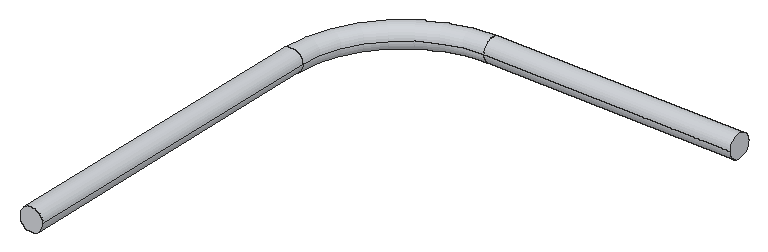
Revit family "Family1", category Furniture, Revit 2019
Family settings
  OmniClass Number = 23.40.20.00
  OmniClass Title = General Furniture and Specialties
  Work Plane-Based = No
  Always vertical = Yes
  Cut with Voids When Loaded = No
  Shared = No
  Room Calculation Point = No
Reference planes
  plane 1 "Center (Front/Back)": y = 0
  plane 2: z = 0
  plane 3 "Center (Left/Right)": x = 0
Forms (mm)
  Sweep 1, solid
    path origin (-267.372, 78.094, 0) x (1, 0, 0) y (0, 1, 0)
      loop
        line (-740, 0) -> (-740, 580)
        arc (-740, 580) -> (-681.421, 721.421) -> (-540, 780) r 200
        line (-540, 780) -> (-100, 780)
    profile origin (-1007.372, 368.094, 0) x (-1, 0, 0) y (0, 0, 1)
      loop
        circle (0, 345.466) r 20
Dimensions and locks
  aligned and locked: level to plane 2
